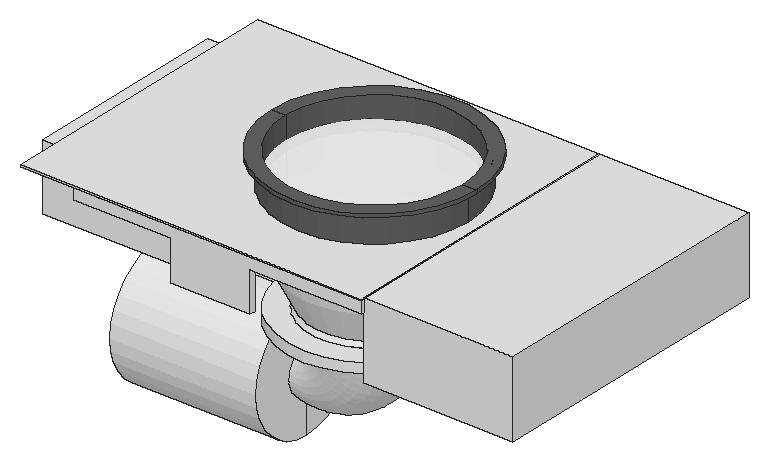
Revit family "MD8LED Downlight", category Lighting Fixtures, host Face, Revit 2021
Family settings
  Host = Face
  Round Connector Dimension = Use Diameter
  Part Type = Normal
  OmniClass Number = 23.80.70.11
  OmniClass Title = Luminaries for Internal Lighting
  Cut with Voids When Loaded = No
  Light Source = Yes
  Shared = No
  Room Calculation Point = No
Parameters (values of type "MD8LED")
  Wattage Comments = "57W"
  Wattage = 117 W
  Warranty = "5 Years Warranty"
  built-in parameter 1150110 = 1 (stored number, unit not read)
  URL = "https://www.currentlighting.com/prescolite"
  built-in parameter 1114217 = 1 (stored number, unit not read)
  Tilt Angle = -90.00°
  built-in parameter 1150109 = 1 (stored number, unit not read)
  built-in parameter 1150134 = 3
  built-in parameter 1150113 = 1 (stored number, unit not read)
  Product Page URL = ""
  Product Documentation Link = ""
  Photometric Web File = "MD8LED12L35K8 8MD12LFL35.IES"
  Model = "MD8LED"  # constant formula
  Manufacturer = "Prescolite"  # constant formula
  built-in parameter 1150105 = 1383 (stored number, unit not read)
  Lumens = 17379.4 lm
  built-in parameter 1150115 = 1 (stored number, unit not read)
  built-in parameter 1150137 = (empty or 0)
  built-in parameter 1150139 = (empty or 0)
  built-in parameter 1150112 = 1 (stored number, unit not read)
  built-in parameter 1150114 = 1 (stored number, unit not read)
  Lamp = "One"
  built-in parameter 1150132 = (empty or 0)
  built-in parameter 1150102 = (empty or 0)
  built-in parameter 1150107 = 3200 (stored number, unit not read)
  built-in parameter 1150138 = (empty or 0)
  built-in parameter 1150106 = 13.83 (stored number, unit not read)
  Housing = Reflector
  Glass = Glass
  Finish = Black
  Emit from Circle Diameter = 7"  # constant formula
  Emit Shape Visible in Rendering = no
  built-in parameter 1150104 = 13.8 (stored number, unit not read)
  Dimming Lamp Color Temperature Shift = <None>
  Description = "High-output LED downlight delivering more than 16,500 lumens suitable for the large commercial and architectural interiors"  # constant formula
  Default Elevation = 8 1/4"
  Contact Us = ""
  Color Filter = 16777215
  built-in parameter 1114218 = 1 (stored number, unit not read)
  built-in parameter 1150133 = 10 (stored number, unit not read)
  Apparent Load = 57 VA
Reference planes (in)
  plane 1 "Center (Front/Back)": y = 0
  plane 2: z = 0
  plane 3 "Center (Left/Right)": x = 0
  plane 4: z = 0.26006
Forms (in)
  Extrusion 1, void
    sketch origin (0, 0, 0) x (1, 0, 0) y (0, 1, 0)
      loop
        circle (0, 0) r 4.125
    from 0 to -1.24755
Dimensions and locks (in)
  aligned and locked: plane 2 to host face
  aligned and locked: level to host face
  aligned and locked: plane 1 "Center (Front/Back)" to nested 1
  aligned and locked: plane 3 "Center (Left/Right)" to nested 1
  aligned and locked: imposter light to plane 4
Nested families (in)
  nested 1: "MD8LED" at (0, 0, 0), type "MD8LED"
Connectors (in)
  electrical at (-9.39525, 0, -9.37194)
    settings: on nested 1, index 1, voltage 0 V, apparent load 0 VA, apparent load phase1 0 VA, apparent load phase2 0 VA, apparent load phase3 0 VA, power factor 1, load classification "Other", number of poles 1, system type 30, power factor state 1, is connector primary yes, connector utility no, sub classification motor no, connector description ""
Definition of nested family "MD8LED"
  Parameters
    Wattage Comments = "57W"
    URL = "http://www.prescolite.com"
    Product Page URL = "http://www.prescolite.com/products/md8led/"
    Product Documentation Link = "http://www.prescolite.com/content/products/specs/specs_files/arch_led_013.pdf"
    Model = "MD8LED"  # constant formula
    Manufacturer Phone = "(864)-678-1000"  # constant formula
    Manufacturer Fax = "(864)-678-1065"  # constant formula
    Manufacturer = "Prescolite"  # constant formula
    Lamp = "One"
    Housing = none
    Glass = none
    Finish = none
    Description = "8” specification grade high output LED downlight capable\r\nof delivering over 16,500 lumens and\r\ndesigned for ceiling heights from 20 to 60 feet"  # constant formula
    Default Elevation = 8 1/4"
    Apparent Load = 57 VA
  Reference planes (in)
    plane 1 "Center (Front/Back)": y = 0
    plane 2: z = 0
    plane 3 "Center (Left/Right)": x = 0
    plane 4: x = -4.125
    plane 5: x = 4.125
    plane 6: x = -3.875
    plane 7: x = 3.875
    plane 8: x = -4.5
    plane 9: x = 4.5
    plane 10: z = -13.25
    plane 11: z = -1.25
    plane 12: z = -9.37194
    plane 13: z = -6.51676
    plane 14: x = -2.98436
  Forms (in)
    Extrusion 1, solid
      sketch origin (0, 0, 0) x (1, 0, 0) y (0, 1, 0)
        loop
          line (-48, 64) -> (-48, -59.14567) -> (48, -59.14567) -> (48, 64) -> (-48, 64)
      from 0 to -1.25
    Extrusion 2, void
      sketch origin (0, 0, 0) x (1, 0, 0) y (0, 1, 0)
        loop
          circle (0, 0) r 4.125
      from 0 to -1.24755
    Revolve 3, solid, material <- "Finish"
      sketch origin (0, 0, 0) x (1, 0, 0) y (0, 0, 1)
        loop
          line (-4.5, 0) -> (-4.125, 0) -> (-4.125, -1.25) -> (-3.875, -1.25) -> (-3.875, 0.13506) -> (-4.5, 0.13506) -> (-4.5, 0)
        axis (0, -1.25) -> (0, 0.13506)
      angle from 0 to 360
    Revolve 4, solid, material <- "Housing"
      sketch origin (0, 0, 0) x (1, 0, 0) y (0, 0, 1)
        loop
          arc (-3.99905, -1.25) -> (-3.73202, -3.63723) -> (-2.76966, -5.83815) r 8.01579
          line (-2.76966, -5.83815) -> (-2.89466, -6.05465) -> (-3.875, -6.05465) -> (-3.875, -6.51676) -> (0, -6.51676) -> (0, -6.05465) -> (-2.46379, -6.05465) -> (-2.66354, -5.77123)
          arc (-2.66354, -5.77123) -> (-3.64364, -3.61093) -> (-3.875, -1.25) r 7.25978
          line (-3.875, -1.25) -> (-3.99905, -1.25)
        axis (0, -6.51676) -> (0, -1.25)
      angle from 0 to 360
    Revolve 5, solid, material <- "Housing"
      sketch origin (0, 0, 0) x (1, 0, 0) y (0, 0, 1)
        loop
          line (-9.39525, -9.37194) -> (-2.98436, -9.37194) -> (-2.98436, -6.62194) -> (-9.39525, -6.62194) -> (-9.39525, -9.37194)
        axis (-9.39525, -9.37194) -> (-2.98436, -9.37194)
      angle from 0 to 360
    SweptBlend 6, solid, material <- "Housing"
      path origin (0, 0, 0) x (1, 0, 0) y (0, 0, 1)
        loop
          arc (0, -6.51676) -> (-0.8741, -8.62703) -> (-2.98436, -9.50113) r 2.98436
      profile origin (0, 0, -6.51676) x (0, -1, 0) y (1, 0, 0)
        loop
          circle (0, 0) r 2.46379
      end profile origin (-2.98436, 0, -9.50113) x (0, 0, -1) y (0, -1, 0)
        loop
          circle (0, 0) r 1
    Extrusion 7, solid, material <- "Housing"
      sketch origin (0.75, 0, 0) x (1, 0, 0) y (0, 1, 0)
        loop
          line (-11.66345, 4.47637) -> (-11.66345, -4.52363) -> (-5.91345, -4.52363) -> (-5.91345, 4.47637) -> (-11.66345, 4.47637)
      from -1.30619 to -4.22642
    Extrusion 8, solid, material <- "Housing"
      sketch origin (16, 0, 0) x (1, 0, 0) y (0, 1, 0)
        loop
          line (-11.33608, 6.5) -> (-11.33608, -6.39692) -> (-4.79927, -6.39692) -> (-4.79927, 6.5) -> (-11.33608, 6.5)
      from -1.25 to -4.59011
    Extrusion 9, solid, material <- "Housing"
      sketch origin (0, 0, 0) x (1, 0, 0) y (0, 1, 0)
        loop
          line (4.66392, 6.5) -> (-10.33608, 6.5) -> (-10.33608, -6.5) -> (4.66392, -6.5) -> (4.66392, 6.5)
        loop
          circle (0, 0) r 3.875
      from -1.30619 to -1.25
    Extrusion 10, solid, material <- "Housing"
      sketch origin (0, 0, 0) x (1, 0, 0) y (0, 0, 1)
        loop
          line (-8, -1.30619) -> (-8, -1.80619) -> (-3.75, -1.80619) -> (-3.75, -3.55619) -> (-0.25, -3.55619) -> (-0.25, -1.80619) -> (4.66392, -1.80619) -> (4.66392, -1.30619) -> (-8, -1.30619)
      from 6.25445 to 6.5
    Extrusion 11, solid, material <- "Housing"
      sketch origin (0, 0, 0) x (1, 0, 0) y (0, 0, -1)
        loop
          line (-8, 1.30619) -> (4.66392, 1.30619) -> (4.66392, 1.80619) -> (-0.25, 1.80619) -> (-0.25, 3.55619) -> (-3.75, 3.55619) -> (-3.75, 1.80619) -> (-8, 1.80619) -> (-8, 1.30619)
      from 6.25445 to 6.5
    Extrusion 12, solid, material <- "Glass"
      sketch origin (0, 0, 0) x (1, 0, 0) y (0, 1, 0)
        loop
          circle (0, 0) r 3.875
      from -0.818 to -0.93632
  Dimensions and locks (in)
    equal spacing: plane 4, plane 3 "Center (Left/Right)", plane 5
    locked: plane 4 to plane 5 at 8.25
    plane 6 to plane 3 "Center (Left/Right)" to plane 7 = 3 7/8", 3 7/8"
    plane 6 to plane 7 = 7 3/4"
    plane 8 to plane 9 = 9"  (x2)
    locked: plane 11 to plane 10 at 12
    level to plane 10 = 13 1/4"
    aligned and locked: plane 2 to Extrusion 1
    aligned and locked: level to Extrusion 1
    aligned and locked: plane 3 "Center (Left/Right)" to Extrusion 2 sketch curve
    aligned and locked: plane 1 "Center (Front/Back)" to Extrusion 2 sketch curve
    aligned and locked: Revolve 3 sketch curve to plane 8
    aligned and locked: plane 4 to Revolve 3 sketch curve
    aligned and locked: Revolve 3 sketch curve to plane 6
    aligned and locked: Revolve 3 sketch curve to plane 11
    aligned and locked: Revolve 4 sketch curve to plane 11
    aligned and locked: Revolve 5 sketch curve to plane 12  (x2)
    aligned and locked: Extrusion 9 to Revolve 3
    aligned and locked: Extrusion 9 to Extrusion 10
    aligned and locked: Extrusion 7 to Extrusion 9
  Automatic sketch dimensions
    Extrusion 1 sketch curve to Extrusion 1 sketch curve = 96"
    Extrusion 1 sketch curve to Extrusion 1 sketch curve = 123.14567"
    Revolve 3 sketch curve to level = 0"
    plane 10 to Revolve 3 sketch curve = 1 1/4"
    Revolve 3 sketch curve to Revolve 3 sketch curve = 0.13506"
    level to Revolve 3 sketch curve = 12"
    plane 6 to Revolve 4 sketch curve = 0"  (x2)
    Revolve 4 sketch curve to plane 3 "Center (Left/Right)" = 0"  (x2)
    Revolve 4 sketch curve to Revolve 4 sketch curve = 0.12405"
    Revolve 4 sketch curve to Revolve 4 sketch curve = 0.98034"
    Revolve 4 sketch curve to Revolve 4 sketch curve = 1/8"
    Revolve 4 sketch curve to Revolve 4 sketch curve = 0.10612"
    Revolve 4 sketch curve to Revolve 4 sketch curve = 0.19975"
    Revolve 4 sketch curve to plane 7 = 0.50623"
    Revolve 4 sketch curve to plane 5 = 0.11436"
    Revolve 4 sketch curve to plane 11 = 0.31259"
    Revolve 4 sketch curve to plane 11 = 0.48196"
    Revolve 4 sketch curve to Revolve 4 sketch curve = 0.21651"
    Revolve 4 sketch curve to Revolve 4 sketch curve = 0.28342"
    Revolve 4 sketch curve to Revolve 4 sketch curve = 0.46211"
    plane 10 to Revolve 4 sketch curve = 1 1/4"
    level to Revolve 4 sketch curve = 12"
    plane 8 to Revolve 5 sketch curve = 20.57769"
    plane 8 to Revolve 5 sketch curve = 4.89525"
    Revolve 5 sketch curve to plane 6 = 57/64"
    plane 9 to Revolve 5 sketch curve = 26.18838"
    Revolve 5 sketch curve to Revolve 5 sketch curve = 2 3/4"
    plane 14 to SweptBlend 6 sketch curve = 0"
    SweptBlend 6 sketch curve to plane 3 "Center (Left/Right)" = 0"
    SweptBlend 6 sketch curve to plane 13 = 0"
    SweptBlend 6 sketch curve to plane 1 "Center (Front/Back)" = 0"
    SweptBlend 6 sketch curve to profile plane = 0"  (x2)
    SweptBlend 6 sketch curve to SweptBlend 6 sketch curve = 0"  (x2)
    plane 1 "Center (Front/Back)" to SweptBlend 6 sketch curve = 0"
    profile plane to SweptBlend 6 sketch curve = 2.46379"
    plane 8 to Extrusion 7 sketch curve = 6.41345"
    plane 8 to Extrusion 7 sketch curve = 0.66345"
    plane 1 "Center (Front/Back)" to Extrusion 7 sketch curve = 4.52363"
    Extrusion 7 sketch curve to plane 1 "Center (Front/Back)" = 4.47637"
    plane 9 to Extrusion 8 sketch curve = 0.16392"
    Extrusion 8 sketch curve to Extrusion 8 sketch curve = 6.53681"
    plane 1 "Center (Front/Back)" to Extrusion 8 sketch curve = 6.39692"
    Extrusion 8 sketch curve to plane 1 "Center (Front/Back)" = 6 1/2"
    plane 8 to Extrusion 9 sketch curve = 5.83608"
    plane 9 to Extrusion 9 sketch curve = 0.16392"
    plane 1 "Center (Front/Back)" to Extrusion 9 sketch curve = 6 1/2"
    Extrusion 9 sketch curve to plane 1 "Center (Front/Back)" = 6 1/2"
    Extrusion 10 sketch curve to plane 11 = 0.05619"
    plane 8 to Extrusion 10 sketch curve = 3 1/2"
    Extrusion 10 sketch curve to plane 6 = 1/8"
    Extrusion 10 sketch curve to plane 3 "Center (Left/Right)" = 1/4"
    plane 9 to Extrusion 10 sketch curve = 0.16392"
    Extrusion 10 sketch curve to Extrusion 10 sketch curve = 1/2"  (x2)
    Extrusion 10 sketch curve to Extrusion 10 sketch curve = 1 3/4"
    Extrusion 11 sketch curve to plane 11 = 0.05619"
    plane 8 to Extrusion 11 sketch curve = 3 1/2"
    Extrusion 11 sketch curve to plane 6 = 1/8"
    Extrusion 11 sketch curve to plane 3 "Center (Left/Right)" = 1/4"
    plane 9 to Extrusion 11 sketch curve = 0.16392"
    Extrusion 11 sketch curve to plane 11 = 0.55619"
    Extrusion 11 sketch curve to Extrusion 11 sketch curve = 1/2"
    Extrusion 11 sketch curve to Extrusion 11 sketch curve = 1 3/4"
    Revolve 3 sketch curve to plane 3 "Center (Left/Right)" = 0"
    Extrusion 9 sketch curve to Extrusion 9 sketch curve = 0"  (x2)
    plane 1 "Center (Front/Back)" to Extrusion 9 sketch curve = 0"
    Extrusion 9 sketch curve to plane 6 = 0"
    Extrusion 9 sketch curve to plane 3 "Center (Left/Right)" = 0"
    plane 1 "Center (Front/Back)" to Extrusion 12 sketch curve = 0"
    Extrusion 12 sketch curve to plane 3 "Center (Left/Right)" = 0"
    radius of Extrusion 2 sketch curve = 4 1/8"
    radius of SweptBlend 6 sketch curve = 1"
    radius of Extrusion 12 sketch curve = 3 7/8"
